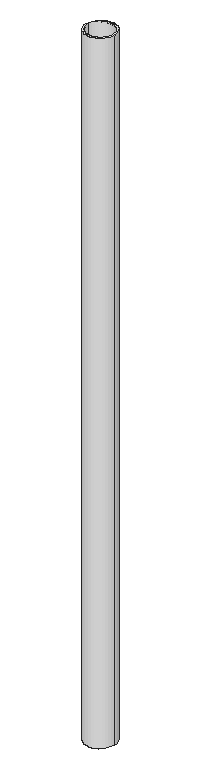
Revit family
Parameters (values of type "PIPE102STD")
  Column Material [instance] = Metal - Steel - 345 MPa
  Assembly Code = ""
  A = 0.00205 m²
  Gauge = "Standard"
  ID = 102 mm
  W = 0.158
  OD = 114 mm
  t = 6 mm
Types (2, lengths in mm): name | A | ID | W | OD | t
  PIPE102STD | 0.00205 m² | 102 | 0.158 | 114 | 6
  PIPE152STD | 0.0036 m² | 154 | 0.277 | 168 | 7.1
Reference planes
  plane 1 "Center (Front/Back)": y = 0
  plane 2: z = 0
  plane 3 "Center (Left/Right)": x = 0
  plane 4: x = -57
  plane 5: x = 57
  plane 6: y = 57
  plane 7: y = -57
  plane 8: x = -51
  plane 9: x = 51
Forms (mm)
  Extrusion 1, solid, material "Metal - Steel - 345 MPa" <- "Column Material", detail levels medium+fine
    sketch origin (0, 0, 0) x (1, 0, 0) y (0, 1, 0)
      loop
        circle (0, 0) r 57
      loop
        circle (0, 0) r 51
    from 0 to 2500
Lines and regions (mm)
  symbolic lines, style "StructuralColumnStickSymbols", detail levels coarse
    curve 1: arc (-57, 0, 0) -> (0, -57, 0) -> (57, 0, 0) r 57
    curve 2: arc (57, 0, 0) -> (0, 57, 0) -> (-57, 0, 0) r 57
Dimensions and locks
  equal spacing: plane 4, plane 3 "Center (Left/Right)", plane 5
  equal spacing: plane 7, plane 1 "Center (Front/Back)", plane 6
  "OD": plane 7 to plane 6
  "OD": plane 4 to plane 5
  "t": plane 4 to plane 8
  "t": plane 9 to plane 5
  aligned and locked: level to Extrusion 1
  aligned and locked: level to plane 2
  aligned and locked: Extrusion 1 to plane 2
  aligned and locked: curve 1 to Extrusion 1
Automatic sketch dimensions
  Extrusion 1 sketch curve to plane 1 "Center (Front/Back)" = 0 mm  (x2)
  Extrusion 1 sketch curve to plane 4 = 0 mm
  Extrusion 1 sketch curve to plane 8 = 0 mm
  Extrusion 1 sketch curve to plane 3 "Center (Left/Right)" = 0 mm  (x2)
